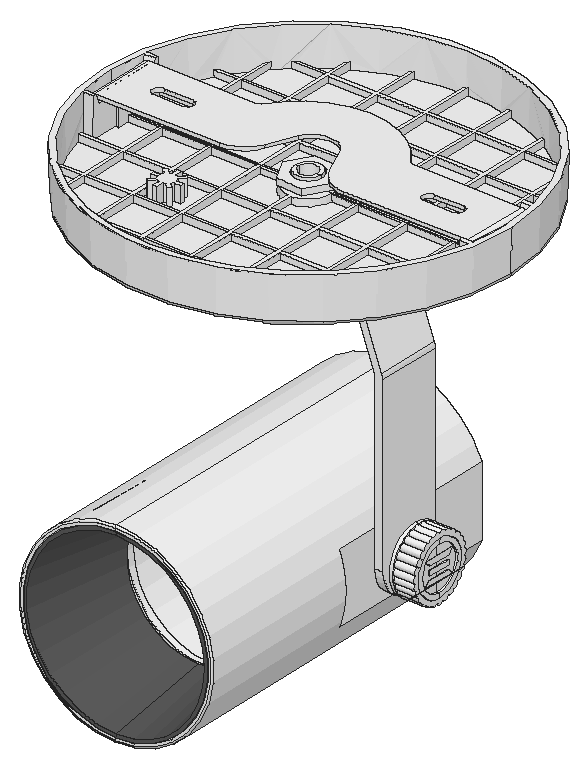
Revit family "STL22001BR_STL22001PTO", category Luminárias, Revit 2023
Family settings
  Cota do conector redondo = Utilizar diâmetro
  Tipo de parte = Normal
  Número OmniClass = 23.80.70.00
  Título OmniClass = Lighting
  Com base no plano de trabalho = Não
  Sempre na vertical = Sim
  Corte com vazios quando carregada = Não
  Fonte luminosa = Não
  Manter orientação da anotação = Não
  Compartilhado = Não
  Ponto de cálculo do ambiente = Não
Parameters (values of type "STL22001BR - BRANCO")
  URL = "https://stella.com.br/"
  Tensão Elétrica = "127-220V"
  Referência = "STL22001BR"
  Potência máxima = 15 W
  Modelo = "Flow MR16 - Spot com canopla"
  Grau de proteção (IP) = "IP20"
  Fabricante = "Stella"
  Estrutura = Al - Branco
  Elevação padrão = 0 m
  Diâmetro do Spot = 0.060002 m
  Diâmetro da canopla = 0.125 m
  Comprimento do Spot = 0.10625 m
  Altura do Spot = 0.132 m
  Acabamento Spot = Al - Preto
Reference planes (m)
  plane 1 "Eixo de origem da luz (F/T)": y = 0.021104
  plane 2: z = 0
  plane 3 "Eixo de origem da luz (E/D)": x = 0.0084
  plane 4 "Elevação da origem da luz": z = 2.382
  plane 5: z = 2.352
  plane 6 "Superior": z = 2.484
  plane 7: y = 0.053125
  plane 8: y = -0.053125
  plane 9: x = 0.038399
  plane 10: x = -0.021603
  plane 11: z = 2.412
  plane 12: x = 0.0709
  plane 13: x = -0.0541
  plane 14: y = 0.083604
  plane 15: y = -0.041396
Forms (m)
  Revolve 1, solid, material "Al - Branco" <- "Estrutura"
    sketch origin (0.0084, 0.223634, -0.132003) x (0, -1, -0.000003) y (0, -0.000003, 1)
      loop
        line (0.170501, 2.542582) -> (0.240851, 2.541599) -> (0.240851, 2.537384) -> (0.242951, 2.537384) -> (0.242951, 2.540052) -> (0.244751, 2.540052) -> (0.244751, 2.542123) -> (0.276751, 2.542682) -> (0.276751, 2.543504)
        arc (0.276751, 2.543504) -> (0.276604, 2.543857) -> (0.276251, 2.544004) r 0.0005
        line (0.276251, 2.544004) -> (0.170501, 2.544004) -> (0.170501, 2.542582)
      axis (0.170501, 2.514004) -> (0.276751, 2.514004)
    angle from 0 to 360
  Extrusion 2, void
    sketch origin (0.0084, 0.215234, -0.132003) x (1, 0, 0) y (0, -0.000003, 1)
      loop
        line (0.024673, 2.503817) -> (0.030078, 2.502712) -> (0.030078, 2.525295) -> (0.024673, 2.52419) -> (0.024673, 2.503817)
    from 0.162101 to 0.217101
  Extrusion 3, void
    sketch origin (0.0094, 0.215234, -0.132003) x (1, 0, 0) y (0, -0.000003, 1)
      loop
        line (0.023311, 2.503891) -> (0.025551, 2.503433) -> (0.025551, 2.524574) -> (0.023311, 2.524116) -> (0.023311, 2.503891)
    from 0.162101 to 0.232451
  Blend 4, solid, material "Al - Branco" <- "Estrutura"
    base sketch origin (0.0084, 0.215234, -0.132003) x (1, 0, 0) y (0, -0.000003, 1)
      loop
        line (0.027965, 2.524863) -> (0.025573, 2.524374) -> (0.025573, 2.503633) -> (0.027965, 2.503144) -> (0.027965, 2.524863)
    top sketch origin (0.0084, 0.215234, -0.132003) x (1, 0, 0) y (0, -0.000003, 1)
      loop
        line (0.027965, 2.524863) -> (0.026551, 2.524574) -> (0.026551, 2.503433) -> (0.027965, 2.503144) -> (0.027965, 2.524863)
    from 0.232451 to 0.162101
  Extrusion 5, void
    sketch origin (0.0084, 0.215234, -0.132003) x (1, 0, 0) y (0, -0.000003, 1)
      loop
        line (0.026551, 2.527448) -> (0.026551, 2.5) -> (0.033803, 2.5) -> (0.033803, 2.527448) -> (0.026551, 2.527448)
    from 0.232475 to 0.217101
  Revolve 6, solid, material "Al - Branco" <- "Estrutura"
    sketch origin (0.0084, 0.189401, -0.166229) x (0, -1, 0) y (0, 0, 1)
      loop
        line (0.134676, 2.551698) -> (0.114176, 2.551698) -> (0.114176, 2.548213) -> (0.144176, 2.548213) -> (0.144176, 2.551698) -> (0.150476, 2.551698) -> (0.150476, 2.553427)
        arc (0.150476, 2.553427) -> (0.150241, 2.553992) -> (0.149676, 2.554227) r 0.0008
        line (0.149676, 2.554227) -> (0.148476, 2.554227) -> (0.148476, 2.552978) -> (0.145176, 2.552979) -> (0.145176, 2.560729)
        arc (0.145176, 2.560729) -> (0.146054, 2.56285) -> (0.148176, 2.563729) r 0.003
        line (0.148176, 2.563729) -> (0.172176, 2.563729) -> (0.172176, 2.564729) -> (0.147176, 2.564729)
        arc (0.147176, 2.564729) -> (0.145054, 2.56385) -> (0.144176, 2.561729) r 0.003
        line (0.144176, 2.561729) -> (0.144176, 2.555229) -> (0.142176, 2.555229) -> (0.142176, 2.554263)
        arc (0.142176, 2.554263) -> (0.136425, 2.553956) -> (0.130676, 2.553623) r 1.262454
        line (0.130676, 2.553623) -> (0.130676, 2.552479) -> (0.134676, 2.552659) -> (0.134676, 2.551698)
      axis (0.114176, 2.548213) -> (0.172176, 2.548213)
    angle from 0 to 360
  Revolve 7, solid, material "Al - Branco" <- "Estrutura"
    sketch origin (0.0084, 0.189401, -0.166229) x (0, -1, 0) y (0, 0, 1)
      loop
        line (0.155176, 2.548229) -> (0.155176, 2.534429) -> (0.170481, 2.534429)
        arc (0.170481, 2.534429) -> (0.170752, 2.534936) -> (0.170846, 2.535504) r 0.00177
        line (0.170846, 2.535504) -> (0.170846, 2.548229) -> (0.155176, 2.548229)
      axis (0.155176, 2.548229) -> (0.170846, 2.548229)
    angle from 0 to 360
  Extrusion 8, void
    sketch origin (0.0084, 0.181001, -0.166229) x (1, 0, 0) y (0, 0, 1)
      loop
        arc (0.00378, 2.554797) -> (-0.001706, 2.555114) -> (0.001774, 2.550862) r 0.003
        arc (0.001774, 2.550862) -> (0.002193, 2.550913) -> (0.002555, 2.550696) r 0.00065
        arc (0.002555, 2.550696) -> (0.003273, 2.549522) -> (0.003609, 2.548188) r 0.004568
        arc (0.003609, 2.548188) -> (0.005649, 2.546228) -> (0.007608, 2.548269) r 0.002
        arc (0.007608, 2.548269) -> (0.006544, 2.552032) -> (0.00378, 2.554797) r 0.007754
      loop
        arc (-0.00378, 2.54166) -> (0.001706, 2.541343) -> (-0.001774, 2.545595) r 0.003
        arc (-0.001774, 2.545595) -> (-0.002193, 2.545544) -> (-0.002555, 2.545761) r 0.00065
        arc (-0.002555, 2.545761) -> (-0.003273, 2.546935) -> (-0.003609, 2.548269) r 0.004568
        arc (-0.003609, 2.548269) -> (-0.005649, 2.550229) -> (-0.007608, 2.548188) r 0.002
        arc (-0.007608, 2.548188) -> (-0.006544, 2.544425) -> (-0.00378, 2.54166) r 0.007754
    from 0.148376 to 0.158434
  Extrusion 9, void
    sketch origin (0.0084, 0.181001, -0.166229) x (1, 0, 0) y (0, 0, 1)
      loop
        circle (-0.006221, 2.554309) r 0.003304
      loop
        circle (0.006209, 2.541978) r 0.003318
    from 0.148376 to 0.163776
  Revolve 10, void
    sketch origin (0.0084, 0.189401, -0.166229) x (0, -1, 0) y (0, 0, 1)
      loop
        line (0.167217, 2.536487) -> (0.170846, 2.536487) -> (0.170846, 2.548229) -> (0.164269, 2.548229) -> (0.164269, 2.539435) -> (0.167217, 2.536487)
      axis (0.170846, 2.548229) -> (0.164269, 2.548229)
    angle from 0 to 360
  Revolve 11, solid, material "Al - Branco" <- "Estrutura", not visible
    sketch origin (-0.034233, 0.1, 0.034226) x (1, 0, -0.000003) y (0.000003, 0, 1)
      loop
        line (0.170501, 2.542582) -> (0.240851, 2.541599) -> (0.240851, 2.537384) -> (0.242951, 2.537384) -> (0.242951, 2.540052) -> (0.244751, 2.540052) -> (0.244751, 2.542123) -> (0.276751, 2.542682) -> (0.276751, 2.543504)
        arc (0.276751, 2.543504) -> (0.276604, 2.543857) -> (0.276251, 2.544004) r 0.0005
        line (0.276251, 2.544004) -> (0.170501, 2.544004) -> (0.170501, 2.542582)
      axis (0.170501, 2.514004) -> (0.276751, 2.514004)
    angle from 0 to 360
  Extrusion 12, void, not visible
    sketch origin (-0.025833, 0.1, 0.034226) x (0, 1, 0) y (0.000003, 0, 1)
      loop
        line (0.024673, 2.503817) -> (0.030078, 2.502712) -> (0.030078, 2.525295) -> (0.024673, 2.52419) -> (0.024673, 2.503817)
    from 0.162101 to 0.217101
  Extrusion 13, void, not visible
    sketch origin (-0.025833, 0.101, 0.034226) x (0, 1, 0) y (0.000003, 0, 1)
      loop
        line (0.023311, 2.503891) -> (0.025551, 2.503433) -> (0.025551, 2.524574) -> (0.023311, 2.524116) -> (0.023311, 2.503891)
    from 0.162101 to 0.232451
  Blend 14, solid, material "Al - Branco" <- "Estrutura", not visible
    base sketch origin (-0.025833, 0.1, 0.034226) x (0, 1, 0) y (0.000003, 0, 1)
      loop
        line (0.027965, 2.524863) -> (0.025573, 2.524374) -> (0.025573, 2.503633) -> (0.027965, 2.503144) -> (0.027965, 2.524863)
    top sketch origin (-0.025833, 0.1, 0.034226) x (0, 1, 0) y (0.000003, 0, 1)
      loop
        line (0.027965, 2.524863) -> (0.026551, 2.524574) -> (0.026551, 2.503433) -> (0.027965, 2.503144) -> (0.027965, 2.524863)
    from 0.232451 to 0.162101
  Extrusion 15, void, not visible
    sketch origin (-0.025833, 0.1, 0.034226) x (0, 1, 0) y (0.000003, 0, 1)
      loop
        line (0.026551, 2.527448) -> (0.026551, 2.5) -> (0.033803, 2.5) -> (0.033803, 2.527448) -> (0.026551, 2.527448)
    from 0.232475 to 0.217101
  Revolve 16, solid, material "Al - Branco" <- "Estrutura", not visible
    sketch origin (0, 0.1, 0) x (1, 0, 0) y (0, 0, 1)
      loop
        line (0.134676, 2.551698) -> (0.114176, 2.551698) -> (0.114176, 2.548213) -> (0.144176, 2.548213) -> (0.144176, 2.551698) -> (0.150476, 2.551698) -> (0.150476, 2.553427)
        arc (0.150476, 2.553427) -> (0.150241, 2.553992) -> (0.149676, 2.554227) r 0.0008
        line (0.149676, 2.554227) -> (0.148476, 2.554227) -> (0.148476, 2.552978) -> (0.145176, 2.552979) -> (0.145176, 2.560729)
        arc (0.145176, 2.560729) -> (0.146054, 2.56285) -> (0.148176, 2.563729) r 0.003
        line (0.148176, 2.563729) -> (0.172176, 2.563729) -> (0.172176, 2.564729) -> (0.147176, 2.564729)
        arc (0.147176, 2.564729) -> (0.145054, 2.56385) -> (0.144176, 2.561729) r 0.003
        line (0.144176, 2.561729) -> (0.144176, 2.555229) -> (0.142176, 2.555229) -> (0.142176, 2.554263)
        arc (0.142176, 2.554263) -> (0.136425, 2.553956) -> (0.130676, 2.553623) r 1.262454
        line (0.130676, 2.553623) -> (0.130676, 2.552479) -> (0.134676, 2.552659) -> (0.134676, 2.551698)
      axis (0.114176, 2.548213) -> (0.172176, 2.548213)
    angle from 0 to 360
  Revolve 17, solid, material "Al - Branco" <- "Estrutura", not visible
    sketch origin (0, 0.1, 0) x (1, 0, 0) y (0, 0, 1)
      loop
        line (0.155176, 2.548229) -> (0.155176, 2.534429) -> (0.170481, 2.534429)
        arc (0.170481, 2.534429) -> (0.170752, 2.534936) -> (0.170846, 2.535504) r 0.00177
        line (0.170846, 2.535504) -> (0.170846, 2.548229) -> (0.155176, 2.548229)
      axis (0.155176, 2.548229) -> (0.170846, 2.548229)
    angle from 0 to 360
  Extrusion 18, void, not visible
    sketch origin (0.0084, 0.1, 0) x (0, 1, 0) y (0, 0, 1)
      loop
        arc (0.00378, 2.554797) -> (-0.001706, 2.555114) -> (0.001774, 2.550862) r 0.003
        arc (0.001774, 2.550862) -> (0.002193, 2.550913) -> (0.002555, 2.550696) r 0.00065
        arc (0.002555, 2.550696) -> (0.003273, 2.549522) -> (0.003609, 2.548188) r 0.004568
        arc (0.003609, 2.548188) -> (0.005649, 2.546228) -> (0.007608, 2.548269) r 0.002
        arc (0.007608, 2.548269) -> (0.006544, 2.552032) -> (0.00378, 2.554797) r 0.007754
      loop
        arc (-0.00378, 2.54166) -> (0.001706, 2.541343) -> (-0.001774, 2.545595) r 0.003
        arc (-0.001774, 2.545595) -> (-0.002193, 2.545544) -> (-0.002555, 2.545761) r 0.00065
        arc (-0.002555, 2.545761) -> (-0.003273, 2.546935) -> (-0.003609, 2.548269) r 0.004568
        arc (-0.003609, 2.548269) -> (-0.005649, 2.550229) -> (-0.007608, 2.548188) r 0.002
        arc (-0.007608, 2.548188) -> (-0.006544, 2.544425) -> (-0.00378, 2.54166) r 0.007754
    from 0.148376 to 0.158434
  Extrusion 19, void, not visible
    sketch origin (0.0084, 0.1, 0) x (0, 1, 0) y (0, 0, 1)
      loop
        circle (-0.006221, 2.554309) r 0.003304
      loop
        circle (0.006209, 2.541978) r 0.003318
    from 0.148376 to 0.163776
  Revolve 20, void, not visible
    sketch origin (0, 0.1, 0) x (1, 0, 0) y (0, 0, 1)
      loop
        line (0.167217, 2.536487) -> (0.170846, 2.536487) -> (0.170846, 2.548229) -> (0.164269, 2.548229) -> (0.164269, 2.539435) -> (0.167217, 2.536487)
      axis (0.170846, 2.548229) -> (0.164269, 2.548229)
    angle from 0 to 360
  Revolve 21, solid, material "Al - Branco" <- "Estrutura"
    sketch origin (0.0084, 0.02121, -0.1364) x (1, 0, 0) y (0, 0, 1)
      loop
        line (-0.0035, 2.59983) -> (-0.0035, 2.60183) -> (-0.008, 2.60183) -> (-0.008, 2.59983) -> (-0.0035, 2.59983)
      loop
        line (-0.0035, 2.60433) -> (-0.0035, 2.60633) -> (-0.009922, 2.60633) -> (-0.009922, 2.60433) -> (-0.0035, 2.60433)
      axis (0, 2.60633) -> (0, 2.59983)
    angle from 0 to 360
  Extrusion 22, solid, material "Al - Branco" <- "Estrutura"
    sketch origin (0.0084, -0.002792, -0.1379) x (1, 0, 0) y (0, 0, 1)
      loop
        line (-0.010913, 2.60583) -> (-0.010913, 2.60333) -> (0.015913, 2.60333)
        arc (0.015913, 2.60333) -> (0.017346, 2.602878) -> (0.018261, 2.601686) r 0.002499
        line (0.018261, 2.601686) -> (0.028429, 2.573745)
        arc (0.028429, 2.573745) -> (0.028541, 2.573324) -> (0.028579, 2.57289) r 0.002501
        line (0.028579, 2.57289) -> (0.028579, 2.509431) -> (0.031079, 2.509431) -> (0.031079, 2.57289)
        arc (0.031079, 2.57289) -> (0.031003, 2.573758) -> (0.030777, 2.5746) r 0.005001
        line (0.030777, 2.5746) -> (0.02061, 2.602541)
        arc (0.02061, 2.602541) -> (0.01878, 2.604926) -> (0.015912, 2.60583) r 0.004999
        line (0.015912, 2.60583) -> (-0.010913, 2.60583)
    from -0.033998 to -0.014002
  Extrusion 23, void
    sketch origin (0.0084, 0.005608, 2.4361) x (-1, 0, 0) y (0, -1, 0)
      loop
        line (0, -0.025598) -> (0, -0.026598) -> (0.012072, -0.026598) -> (0.012072, -0.004602) -> (0, -0.004602) -> (0, -0.005602)
        arc (0, -0.005602) -> (0.009998, -0.0156) -> (0, -0.025598) r 0.009998
    from 0.02933 to 0.03183
  Extrusion 24, void
    sketch origin (0.02121, 0.005608, -0.1379) x (0, -1, 0) y (0, 0, 1)
      loop
        line (-0.025598, 2.519898) -> (-0.028598, 2.519898) -> (-0.028598, 2.505885) -> (-0.002602, 2.505885) -> (-0.002602, 2.519898) -> (-0.005602, 2.519898)
        arc (-0.005602, 2.519898) -> (-0.0156, 2.5099) -> (-0.025598, 2.519898) r 0.009998
    from -0.018269 to -0.015769
  Revolve 25, solid, material "Al - Branco" <- "Estrutura", not visible
    sketch origin (-0.065602, 0, 0.0015) x (0, 1, 0) y (0, 0, 1)
      loop
        line (-0.0035, 2.59983) -> (-0.0035, 2.60183) -> (-0.008, 2.60183) -> (-0.008, 2.59983) -> (-0.0035, 2.59983)
      loop
        line (-0.0035, 2.60433) -> (-0.0035, 2.60633) -> (-0.009922, 2.60633) -> (-0.009922, 2.60433) -> (-0.0035, 2.60433)
      axis (0, 2.60633) -> (0, 2.59983)
    angle from 0 to 360
  Extrusion 26, void, not visible
    sketch origin (-0.05, 0, 2.574) x (0, -1, 0) y (1, 0, 0)
      loop
        line (0, -0.025598) -> (0, -0.026598) -> (0.012072, -0.026598) -> (0.012072, -0.004602) -> (0, -0.004602) -> (0, -0.005602)
        arc (0, -0.005602) -> (0.009998, -0.0156) -> (0, -0.025598) r 0.009998
    from 0.02933 to 0.03183
  Revolve 27, solid, material "Al - Branco" <- "Estrutura"
    sketch origin (0.0069, 0.021208, -0.1379) x (1, 0, 0) y (0, 0, 1)
      loop
        line (0.034579, 2.5281) -> (0.035578, 2.5281) -> (0.035578, 2.5299) -> (0.034579, 2.5299) -> (0.034579, 2.5281)
      loop
        line (0.029578, 2.5239) -> (0.029578, 2.5199) -> (0.033078, 2.5199) -> (0.033078, 2.5239) -> (0.029578, 2.5239)
      axis (0.035578, 2.5199) -> (0.029578, 2.5199)
    angle from 0 to 360
  Extrusion 28, solid, material "Al - Branco" <- "Estrutura"
    sketch origin (0.0069, 0.029606, -0.1379) x (0, -1, 0) y (0, 0, 1)
      loop
        arc (0.004366, 2.527942) -> (0.002917, 2.528238) -> (0.002614, 2.526791) r 0.001048
        arc (0.002614, 2.526791) -> (0.001137, 2.526743) -> (0.001177, 2.525265) r 0.001048
        arc (0.001177, 2.525265) -> (-0.00025, 2.524877) -> (0.000132, 2.523448) r 0.001048
        arc (0.000132, 2.523448) -> (-0.001167, 2.522741) -> (-0.000466, 2.521439) r 0.001048
        arc (-0.000466, 2.521439) -> (-0.001565, 2.52045) -> (-0.000581, 2.519346) r 0.001048
        arc (-0.000581, 2.519346) -> (-0.001423, 2.51813) -> (-0.000211, 2.517283) r 0.001048
        arc (-0.000211, 2.517283) -> (-0.000747, 2.515905) -> (0.000628, 2.515362) r 0.001048
        arc (0.000628, 2.515362) -> (0.000425, 2.513897) -> (0.001889, 2.513687) r 0.001048
        arc (0.001889, 2.513687) -> (0.002029, 2.512215) -> (0.003502, 2.512349) r 0.001048
        arc (0.003502, 2.512349) -> (0.00398, 2.51095) -> (0.005382, 2.511421) r 0.001048
        arc (0.005382, 2.511421) -> (0.00617, 2.51017) -> (0.007425, 2.510952) r 0.001048
        arc (0.007425, 2.510952) -> (0.008481, 2.509918) -> (0.009521, 2.51097) r 0.001048
        arc (0.009521, 2.51097) -> (0.010788, 2.510207) -> (0.011556, 2.511471) r 0.001048
        arc (0.011556, 2.511471) -> (0.012965, 2.511023) -> (0.01342, 2.51243) r 0.001048
        arc (0.01342, 2.51243) -> (0.014894, 2.51232) -> (0.015012, 2.513794) r 0.001048
        arc (0.015012, 2.513794) -> (0.016472, 2.514028) -> (0.016244, 2.51549) r 0.001048
        arc (0.016244, 2.51549) -> (0.017611, 2.516055) -> (0.017052, 2.517424) r 0.001048
        arc (0.017052, 2.517424) -> (0.01825, 2.518291) -> (0.017389, 2.519493) r 0.001048
        arc (0.017389, 2.519493) -> (0.018354, 2.520613) -> (0.017239, 2.521583) r 0.001048
        arc (0.017239, 2.521583) -> (0.017919, 2.522897) -> (0.016609, 2.523583) r 0.001048
        arc (0.016609, 2.523583) -> (0.016967, 2.525017) -> (0.015534, 2.525382) r 0.001048
        arc (0.015534, 2.525382) -> (0.01555, 2.526861) -> (0.014071, 2.526883) r 0.001048
        arc (0.014071, 2.526883) -> (0.013745, 2.528326) -> (0.012301, 2.528006) r 0.001048
        arc (0.012301, 2.528006) -> (0.01165, 2.529334) -> (0.010319, 2.528688) r 0.001048
        arc (0.010319, 2.528688) -> (0.009379, 2.52983) -> (0.008233, 2.528894) r 0.001048
        arc (0.008233, 2.528894) -> (0.007155, 2.529817) -> (0.006336, 2.528658) r 0.00096
        arc (0.006336, 2.528658) -> (0.004995, 2.52928) -> (0.004366, 2.527942) r 0.001048
      loop
        circle (0.0084, 2.5199) r 0.0082
    from -0.042087 to -0.035578
  Extrusion 29, solid, material "Al - Branco" <- "Estrutura"
    sketch origin (0.0069, 0.029608, -0.1379) x (0, -1, 0) y (0, 0, 1)
      loop
        line (0.004798, 2.520605) -> (0.004798, 2.519195) -> (0.011997, 2.519195) -> (0.011997, 2.520605) -> (0.004798, 2.520605)
      loop
        line (0.004798, 2.522) -> (0.012002, 2.522) -> (0.013402, 2.5234) -> (0.003398, 2.5234) -> (0.004798, 2.522)
      loop
        line (0.004798, 2.5178) -> (0.003398, 2.5164) -> (0.013402, 2.5164) -> (0.012002, 2.5178) -> (0.004798, 2.5178)
    from -0.041835 to -0.041287
  Extrusion 30, solid, material "Al - Branco" <- "Estrutura"
    sketch origin (0.02121, 0.029608, -0.1379) x (0, -1, 0) y (0, 0, 1)
      loop
        line (0.0093, 2.524818) -> (0.0093, 2.52805)
        arc (0.0093, 2.52805) -> (0.0084, 2.5281) -> (0.0075, 2.52805) r 0.0082
        line (0.0075, 2.52805) -> (0.0075, 2.524818)
        arc (0.0075, 2.524818) -> (0.0084, 2.5249) -> (0.0093, 2.524818) r 0.005
      loop
        line (0.0093, 2.51175) -> (0.0093, 2.514982)
        arc (0.0093, 2.514982) -> (0.0084, 2.5149) -> (0.0075, 2.514982) r 0.005
        line (0.0075, 2.514982) -> (0.0075, 2.51175)
        arc (0.0075, 2.51175) -> (0.0084, 2.5117) -> (0.0093, 2.51175) r 0.0082
      loop
        line (0.013313, 2.518972) -> (0.016547, 2.518972)
        arc (0.016547, 2.518972) -> (0.0166, 2.519872) -> (0.016553, 2.520772) r 0.0082
        line (0.016553, 2.520772) -> (0.013323, 2.520772)
        arc (0.013323, 2.520772) -> (0.0134, 2.519872) -> (0.013313, 2.518972) r 0.005
      loop
        line (0.000255, 2.518951) -> (0.003487, 2.518972)
        arc (0.003487, 2.518972) -> (0.0034, 2.519872) -> (0.003477, 2.520772) r 0.005
        line (0.003477, 2.520772) -> (0.000247, 2.520772)
        arc (0.000247, 2.520772) -> (0.0002, 2.519861) -> (0.000255, 2.518951) r 0.0082
    from -0.023769 to -0.021268
  Extrusion 31, void
    sketch origin (0.0084, -0.000125, -0.1379) x (1, 0, 0) y (0, 0, 1)
      loop
        line (0.028579, 2.514899) -> (0.031079, 2.514899) -> (0.031079, 2.524859) -> (0.028579, 2.524859) -> (0.028579, 2.514899)
    from -0.026576 to -0.01637
  Revolve 32, solid, material "Al - Branco" <- "Estrutura"
    sketch origin (0.0069, 0.021208, -0.1379) x (1, 0, 0) y (0, 0, 1)
      loop
        line (0.038079, 2.5281) -> (0.038079, 2.5249)
        spline (0.038079, 2.5249) -> (0.037704, 2.5249) -> (0.037329, 2.5249) -> (0.036954, 2.5249) -> (0.036578, 2.5249) -> (0.036203, 2.5249) -> (0.035828, 2.5249) -> (0.035453, 2.5249) -> (0.035078, 2.5249) -> (0.034703, 2.5249) -> (0.034328, 2.5249) -> (0.033952, 2.5249) -> (0.033577, 2.5249)
        arc (0.033577, 2.5249) -> (0.033225, 2.524753) -> (0.033079, 2.5244) r 0.0005
        line (0.033079, 2.5244) -> (0.033079, 2.5199) -> (0.041287, 2.5199) -> (0.041287, 2.526698) -> (0.042087, 2.526698) -> (0.042087, 2.5281) -> (0.038079, 2.5281)
      axis (0.033079, 2.5199) -> (0.042087, 2.5199)
    angle from 0 to 360
  Revolve 33, solid, material "Al - Branco" <- "Estrutura"
    sketch origin (-0.267181, 0.02121, -0.037103) x (1, 0, 0) y (0, 0, 1)
      loop
        line (0.336381, 2.509043) -> (0.283094, 2.509043) -> (0.282996, 2.511053) -> (0.275581, 2.511053) -> (0.275581, 2.505023) -> (0.285423, 2.505023) -> (0.285528, 2.507033) -> (0.33697, 2.507033)
        arc (0.33697, 2.507033) -> (0.337674, 2.507314) -> (0.337982, 2.508007) r 0.001005
        line (0.337982, 2.508007) -> (0.338394, 2.521103) -> (0.336594, 2.521103) -> (0.336381, 2.509043)
      axis (0.275581, 2.505023) -> (0.275581, 2.521103)
    angle from 0 to 360
  Extrusion 34, void
    sketch origin (-0.267181, 0.000106, 2.344897) x (0, -1, 0) y (1, 0, 0)
      loop
        arc (-0.018056, 0.271461) -> (-0.015978, 0.275581) -> (-0.018056, 0.279702) r 0.005125
        line (-0.018056, 0.279702) -> (-0.024152, 0.279702)
        arc (-0.024152, 0.279702) -> (-0.026229, 0.275581) -> (-0.024152, 0.271461) r 0.005125
        line (-0.024152, 0.271461) -> (-0.018056, 0.271461)
    from 0.123023 to 0.129053
  Revolve 35, solid, material "Al - Branco" <- "Estrutura"
    sketch origin (-0.117181, 0.02121, -0.037103) x (1, 0, 0) y (0, 0, 1)
      loop
        line (0.186381, 2.509043) -> (0.186417, 2.511053) -> (0.125581, 2.511053) -> (0.125581, 2.509043) -> (0.186381, 2.509043)
      axis (0.125581, 2.509043) -> (0.125581, 2.511053)
    angle from 0 to 360
  Extrusion 36, void
    sketch origin (-0.267181, 0.000106, 2.344897) x (0, -1, 0) y (1, 0, 0)
      loop
        line (-0.006526, 0.244934) -> (-0.020607, 0.244934) -> (-0.020607, 0.230853) -> (-0.006526, 0.230853) -> (-0.006526, 0.244934)
      loop
        line (0.008549, 0.244934) -> (-0.005532, 0.244934) -> (-0.005532, 0.230853) -> (0.008549, 0.230853) -> (0.008549, 0.244934)
      loop
        line (-0.021601, 0.244934) -> (-0.035682, 0.244934) -> (-0.035682, 0.230853) -> (-0.021601, 0.230853) -> (-0.021601, 0.244934)
      loop
        line (-0.036676, 0.244934) -> (-0.050757, 0.244934) -> (-0.050757, 0.230853) -> (-0.036676, 0.230853) -> (-0.036676, 0.244934)
      loop
        line (-0.051751, 0.244934) -> (-0.065832, 0.244934) -> (-0.065832, 0.230853) -> (-0.051751, 0.230853) -> (-0.051751, 0.244934)
      loop
        line (0.023624, 0.244934) -> (0.009543, 0.244934) -> (0.009543, 0.230853) -> (0.023624, 0.230853) -> (0.023624, 0.244934)
      loop
        line (0.038699, 0.244934) -> (0.024618, 0.244934) -> (0.024618, 0.230853) -> (0.038699, 0.230853) -> (0.038699, 0.244934)
      loop
        line (-0.066826, 0.244934) -> (-0.080907, 0.244934) -> (-0.080907, 0.230853) -> (-0.066826, 0.230853) -> (-0.066826, 0.244934)
      loop
        line (-0.006526, 0.229859) -> (-0.020607, 0.229859) -> (-0.020607, 0.212778) -> (-0.006526, 0.212778) -> (-0.006526, 0.229859)
      loop
        line (0.008549, 0.229859) -> (-0.005532, 0.229859) -> (-0.005532, 0.215778) -> (0.008549, 0.215778) -> (0.008549, 0.229859)
      loop
        line (-0.021601, 0.229859) -> (-0.035682, 0.229859) -> (-0.035682, 0.212778) -> (-0.021601, 0.212778) -> (-0.021601, 0.229859)
      loop
        line (-0.036676, 0.229859) -> (-0.050757, 0.229859) -> (-0.050757, 0.215778) -> (-0.036676, 0.215778) -> (-0.036676, 0.229859)
      loop
        line (-0.051751, 0.229859) -> (-0.065832, 0.229859) -> (-0.065832, 0.215778) -> (-0.051751, 0.215778) -> (-0.051751, 0.229859)
      loop
        line (0.023624, 0.229859) -> (0.009543, 0.229859) -> (0.009543, 0.215778) -> (0.023624, 0.215778) -> (0.023624, 0.229859)
      loop
        line (-0.006526, 0.260009) -> (-0.020607, 0.260009) -> (-0.020607, 0.245928) -> (-0.006526, 0.245928) -> (-0.006526, 0.260009)
      loop
        line (0.008549, 0.260009) -> (-0.005532, 0.260009) -> (-0.005532, 0.245928) -> (0.008549, 0.245928) -> (0.008549, 0.260009)
      loop
        line (-0.021601, 0.260009) -> (-0.035682, 0.260009) -> (-0.035682, 0.245928) -> (-0.021601, 0.245928) -> (-0.021601, 0.260009)
      loop
        line (-0.036676, 0.260009) -> (-0.050757, 0.260009) -> (-0.050757, 0.245928) -> (-0.036676, 0.245928) -> (-0.036676, 0.260009)
      loop
        line (-0.051751, 0.260009) -> (-0.065832, 0.260009) -> (-0.065832, 0.245928) -> (-0.051751, 0.245928) -> (-0.051751, 0.260009)
      loop
        line (0.023624, 0.260009) -> (0.009543, 0.260009) -> (0.009543, 0.245928) -> (0.023624, 0.245928) -> (0.023624, 0.260009)
      loop
        line (0.038699, 0.260009) -> (0.024618, 0.260009) -> (0.024618, 0.245928) -> (0.038699, 0.245928) -> (0.038699, 0.260009)
      loop
        line (-0.066826, 0.260009) -> (-0.080907, 0.260009) -> (-0.080907, 0.245928) -> (-0.066826, 0.245928) -> (-0.066826, 0.260009)
      loop
        line (-0.006526, 0.275084) -> (-0.020607, 0.275084) -> (-0.020607, 0.261003) -> (-0.006526, 0.261003) -> (-0.006526, 0.275084)
      loop
        line (0.008549, 0.275084) -> (-0.005532, 0.275084) -> (-0.005532, 0.261003) -> (0.008549, 0.261003) -> (0.008549, 0.275084)
      loop
        line (-0.021601, 0.275084) -> (-0.035682, 0.275084) -> (-0.035682, 0.261003) -> (-0.021601, 0.261003) -> (-0.021601, 0.275084)
      loop
        line (-0.036676, 0.275084) -> (-0.050757, 0.275084) -> (-0.050757, 0.261003) -> (-0.036676, 0.261003) -> (-0.036676, 0.275084)
      loop
        line (-0.051751, 0.275084) -> (-0.065832, 0.275084) -> (-0.065832, 0.261003) -> (-0.051751, 0.261003) -> (-0.051751, 0.275084)
      loop
        line (0.023624, 0.275084) -> (0.009543, 0.275084) -> (0.009543, 0.261003) -> (0.023624, 0.261003) -> (0.023624, 0.275084)
      loop
        line (0.041699, 0.275084) -> (0.024618, 0.275084) -> (0.024618, 0.261003) -> (0.041699, 0.261003) -> (0.041699, 0.275084)
      loop
        line (-0.066826, 0.275084) -> (-0.083907, 0.275084) -> (-0.083907, 0.261003) -> (-0.066826, 0.261003) -> (-0.066826, 0.275084)
      loop
        line (-0.006526, 0.290159) -> (-0.020607, 0.290159) -> (-0.020607, 0.276078) -> (-0.006526, 0.276078) -> (-0.006526, 0.290159)
      loop
        line (0.008549, 0.290159) -> (-0.005532, 0.290159) -> (-0.005532, 0.276078) -> (0.008549, 0.276078) -> (0.008549, 0.290159)
      loop
        line (-0.021601, 0.290159) -> (-0.035682, 0.290159) -> (-0.035682, 0.276078) -> (-0.021601, 0.276078) -> (-0.021601, 0.290159)
      loop
        line (-0.036676, 0.290159) -> (-0.050757, 0.290159) -> (-0.050757, 0.276078) -> (-0.036676, 0.276078) -> (-0.036676, 0.290159)
      loop
        line (-0.051751, 0.290159) -> (-0.065832, 0.290159) -> (-0.065832, 0.276078) -> (-0.051751, 0.276078) -> (-0.051751, 0.290159)
      loop
        line (0.023624, 0.290159) -> (0.009543, 0.290159) -> (0.009543, 0.276078) -> (0.023624, 0.276078) -> (0.023624, 0.290159)
      loop
        line (0.041699, 0.290159) -> (0.024618, 0.290159) -> (0.024618, 0.276078) -> (0.041699, 0.276078) -> (0.041699, 0.290159)
      loop
        line (-0.066826, 0.290159) -> (-0.083907, 0.290159) -> (-0.083907, 0.276078) -> (-0.066826, 0.276078) -> (-0.066826, 0.290159)
      loop
        line (-0.006526, 0.305234) -> (-0.020607, 0.305234) -> (-0.020607, 0.291153) -> (-0.006526, 0.291153) -> (-0.006526, 0.305234)
      loop
        line (0.008549, 0.305234) -> (-0.005532, 0.305234) -> (-0.005532, 0.291153) -> (0.008549, 0.291153) -> (0.008549, 0.305234)
      loop
        line (-0.021601, 0.305234) -> (-0.035682, 0.305234) -> (-0.035682, 0.291153) -> (-0.021601, 0.291153) -> (-0.021601, 0.305234)
      loop
        line (-0.036676, 0.305234) -> (-0.050757, 0.305234) -> (-0.050757, 0.291153) -> (-0.036676, 0.291153) -> (-0.036676, 0.305234)
      loop
        line (-0.051751, 0.305234) -> (-0.065832, 0.305234) -> (-0.065832, 0.291153) -> (-0.051751, 0.291153) -> (-0.051751, 0.305234)
      loop
        line (0.023624, 0.305234) -> (0.009543, 0.305234) -> (0.009543, 0.291153) -> (0.023624, 0.291153) -> (0.023624, 0.305234)
      loop
        line (0.038699, 0.305234) -> (0.024618, 0.305234) -> (0.024618, 0.291153) -> (0.038699, 0.291153) -> (0.038699, 0.305234)
      loop
        line (-0.066826, 0.305234) -> (-0.080907, 0.305234) -> (-0.080907, 0.291153) -> (-0.066826, 0.291153) -> (-0.066826, 0.305234)
      loop
        line (-0.006526, 0.320309) -> (-0.020607, 0.320309) -> (-0.020607, 0.306228) -> (-0.006526, 0.306228) -> (-0.006526, 0.320309)
      loop
        line (0.008549, 0.320309) -> (-0.005532, 0.320309) -> (-0.005532, 0.306228) -> (0.008549, 0.306228) -> (0.008549, 0.320309)
      loop
        line (-0.021601, 0.320309) -> (-0.035682, 0.320309) -> (-0.035682, 0.306228) -> (-0.021601, 0.306228) -> (-0.021601, 0.320309)
      loop
        line (-0.036676, 0.320309) -> (-0.050757, 0.320309) -> (-0.050757, 0.306228) -> (-0.036676, 0.306228) -> (-0.036676, 0.320309)
      loop
        line (-0.051751, 0.320309) -> (-0.065832, 0.320309) -> (-0.065832, 0.306228) -> (-0.051751, 0.306228) -> (-0.051751, 0.320309)
      loop
        line (0.023624, 0.320309) -> (0.009543, 0.320309) -> (0.009543, 0.306228) -> (0.023624, 0.306228) -> (0.023624, 0.320309)
      loop
        line (0.038699, 0.320309) -> (0.024618, 0.320309) -> (0.024618, 0.306228) -> (0.038699, 0.306228) -> (0.038699, 0.320309)
      loop
        line (-0.066826, 0.320309) -> (-0.080907, 0.320309) -> (-0.080907, 0.306228) -> (-0.066826, 0.306228) -> (-0.066826, 0.320309)
      loop
        line (-0.006526, 0.338384) -> (-0.020607, 0.338384) -> (-0.020607, 0.321303) -> (-0.006526, 0.321303) -> (-0.006526, 0.338384)
      loop
        line (0.008549, 0.335384) -> (-0.005532, 0.335384) -> (-0.005532, 0.321303) -> (0.008549, 0.321303) -> (0.008549, 0.335384)
      loop
        line (-0.021601, 0.338384) -> (-0.035682, 0.338384) -> (-0.035682, 0.321303) -> (-0.021601, 0.321303) -> (-0.021601, 0.338384)
      loop
        line (-0.036676, 0.335384) -> (-0.050757, 0.335384) -> (-0.050757, 0.321303) -> (-0.036676, 0.321303) -> (-0.036676, 0.335384)
      loop
        line (-0.051751, 0.335384) -> (-0.065832, 0.335384) -> (-0.065832, 0.321303) -> (-0.051751, 0.321303) -> (-0.051751, 0.335384)
      loop
        line (0.023624, 0.335384) -> (0.009543, 0.335384) -> (0.009543, 0.321303) -> (0.023624, 0.321303) -> (0.023624, 0.335384)
    from 0.127043 to 0.129053
  Revolve 37, void
    sketch origin (-0.267181, 0.02121, -0.037103) x (1, 0, 0) y (0, 0, 1)
      loop
        line (0.285634, 2.509043) -> (0.283094, 2.509043) -> (0.282996, 2.511053) -> (0.275581, 2.511053) -> (0.275581, 2.505023) -> (0.285423, 2.505023) -> (0.285634, 2.509043)
      axis (0.275581, 2.505023) -> (0.275581, 2.511053)
    angle from 0 to 360
  Extrusion 38, solid, material "Al - Branco" <- "Estrutura"
    sketch origin (-0.267181, 0.000106, 2.344897) x (0, -1, 0) y (1, 0, 0)
      loop
        line (-0.001586, 0.247629) -> (-0.000756, 0.246799) -> (0.000883, 0.248437)
        arc (0.000883, 0.248437) -> (0.001234, 0.248258) -> (0.001609, 0.248134) r 0.002577
        line (0.001609, 0.248134) -> (0.001609, 0.245928) -> (0.002783, 0.245928) -> (0.002783, 0.24812)
        arc (0.002783, 0.24812) -> (0.003169, 0.248238) -> (0.003532, 0.248415) r 0.002577
        line (0.003532, 0.248415) -> (0.005148, 0.246799) -> (0.005979, 0.247629) -> (0.004382, 0.249226)
        arc (0.004382, 0.249226) -> (0.004583, 0.249596) -> (0.004721, 0.249994) r 0.002577
        line (0.004721, 0.249994) -> (0.006958, 0.249994) -> (0.006958, 0.251168) -> (0.004747, 0.251168)
        arc (0.004747, 0.251168) -> (0.00462, 0.251588) -> (0.004424, 0.251979) r 0.002577
        line (0.004424, 0.251979) -> (0.005979, 0.253533) -> (0.00514, 0.254372) -> (0.003589, 0.252822)
        arc (0.003589, 0.252822) -> (0.0032, 0.253021) -> (0.002783, 0.253151) r 0.002577
        line (0.002783, 0.253151) -> (0.002783, 0.255343) -> (0.001609, 0.255343) -> (0.001609, 0.253137)
        arc (0.001609, 0.253137) -> (0.001203, 0.253) -> (0.000825, 0.252798) r 0.002577
        line (0.000825, 0.252798) -> (-0.000756, 0.254364) -> (-0.001586, 0.253533) -> (0.000005, 0.251942)
        arc (0.000005, 0.251942) -> (-0.000176, 0.251567) -> (-0.000295, 0.251168) r 0.002577
        line (-0.000295, 0.251168) -> (-0.002566, 0.251168) -> (-0.002566, 0.249994) -> (-0.000269, 0.249994)
        arc (-0.000269, 0.249994) -> (-0.00014, 0.249616) -> (0.000046, 0.249262) r 0.002577
        line (0.000046, 0.249262) -> (-0.001586, 0.247629)
    from 0.127043 to 0.132043
  Extrusion 39, solid, material "Al - Branco" <- "Estrutura"
    sketch origin (-0.268282, 0.18023, 0.036664) x (1, 0, 0) y (0, 0, 1)
      loop
        line (0.217541, 2.445054) -> (0.217541, 2.434804) -> (0.218541, 2.434804) -> (0.218541, 2.444972)
        arc (0.218541, 2.444972) -> (0.218708, 2.445375) -> (0.219111, 2.445542) r 0.00057
        line (0.219111, 2.445542) -> (0.334271, 2.445542)
        arc (0.334271, 2.445542) -> (0.334674, 2.445375) -> (0.334841, 2.444972) r 0.00057
        line (0.334841, 2.444972) -> (0.334841, 2.434804) -> (0.335841, 2.434804) -> (0.335841, 2.445054)
        arc (0.335841, 2.445054) -> (0.335401, 2.446114) -> (0.334341, 2.446554) r 0.0015
        line (0.334341, 2.446554) -> (0.219041, 2.446554)
        arc (0.219041, 2.446554) -> (0.21798, 2.446114) -> (0.217541, 2.445054) r 0.0015
    from 0.133879 to 0.169382
  Extrusion 40, void
    sketch origin (-0.268282, 0.159126, 2.418664) x (0, -1, 0) y (1, 0, 0)
      loop
        arc (0.123099, 0.256839) -> (0.114365, 0.276706) -> (0.123099, 0.296573) r 0.026962
        line (0.123099, 0.296573) -> (0.126919, 0.299483)
        arc (0.126919, 0.299483) -> (0.127439, 0.300141) -> (0.127578, 0.300967) r 0.001688
        line (0.127578, 0.300967) -> (0.127578, 0.336372) -> (0.112283, 0.336372) -> (0.112283, 0.217041) -> (0.127578, 0.217041) -> (0.127578, 0.252445)
        arc (0.127578, 0.252445) -> (0.127439, 0.253272) -> (0.126919, 0.253929) r 0.001688
        line (0.126919, 0.253929) -> (0.123099, 0.256839)
      loop
        arc (0.14215, 0.266722) -> (0.146607, 0.263037) -> (0.148278, 0.257502) r 0.01
        line (0.148278, 0.257502) -> (0.148278, 0.295911)
        arc (0.148278, 0.295911) -> (0.146607, 0.290375) -> (0.14215, 0.286691) r 0.01
        line (0.14215, 0.286691) -> (0.133999, 0.283268)
        arc (0.133999, 0.283268) -> (0.129638, 0.276706) -> (0.133999, 0.270145) r 0.007117
        line (0.133999, 0.270145) -> (0.14215, 0.266722)
      loop
        arc (0.135928, 0.230441) -> (0.137928, 0.228441) -> (0.139928, 0.230441) r 0.002
        line (0.139928, 0.230441) -> (0.139928, 0.239441)
        arc (0.139928, 0.239441) -> (0.137928, 0.241441) -> (0.135928, 0.239441) r 0.002
        line (0.135928, 0.239441) -> (0.135928, 0.230441)
      loop
        arc (0.135928, 0.313941) -> (0.137928, 0.311941) -> (0.139928, 0.313941) r 0.002
        line (0.139928, 0.313941) -> (0.139928, 0.322941)
        arc (0.139928, 0.322941) -> (0.137928, 0.324941) -> (0.135928, 0.322941) r 0.002
        line (0.135928, 0.322941) -> (0.135928, 0.313941)
    from 0.051744 to 0.065839
  Extrusion 41, void
    sketch origin (-0.259882, 0.159126, 0.036664) x (0, 1, 0) y (0, 0, 1)
      loop
        line (-0.148278, 2.434804) -> (-0.146278, 2.434804)
        arc (-0.146278, 2.434804) -> (-0.147693, 2.43539) -> (-0.148278, 2.436804) r 0.002
        line (-0.148278, 2.436804) -> (-0.148278, 2.434804)
      loop
        line (-0.127578, 2.434804) -> (-0.127578, 2.436804)
        arc (-0.127578, 2.436804) -> (-0.128164, 2.43539) -> (-0.129578, 2.434804) r 0.002
        line (-0.129578, 2.434804) -> (-0.127578, 2.434804)
      loop
        arc (-0.139678, 2.439804) -> (-0.137928, 2.438054) -> (-0.136178, 2.439804) r 0.00175
        line (-0.136178, 2.439804) -> (-0.136178, 2.440804)
        arc (-0.136178, 2.440804) -> (-0.137928, 2.442554) -> (-0.139678, 2.440804) r 0.00175
        line (-0.139678, 2.440804) -> (-0.139678, 2.439804)
    from 0.209141 to 0.327441
  Extrusion 42, solid, material "Al - Branco" <- "Estrutura"
    sketch origin (-0.258781, 0.000106, -0.037103) x (0, 1, 0) y (0, 0, 1)
      loop
        line (0.008541, 2.509043) -> (0.033666, 2.509043) -> (0.033561, 2.521103) -> (0.008647, 2.521103) -> (0.008541, 2.509043)
    from 0.204546 to 0.211906
  Extrusion 43, void
    sketch origin (-0.258781, 0.000106, -0.037103) x (0, 1, 0) y (0, 0, 1)
      loop
        line (0.009572, 2.521103) -> (0.010551, 2.518088) -> (0.031656, 2.518088) -> (0.032636, 2.521103) -> (0.009572, 2.521103)
    from 0.204007 to 0.211906
  Revolve 44, void
    sketch origin (-0.267181, 0.02121, -0.037103) x (1, 0, 0) y (0, 0, 1)
      loop
        line (0.336363, 2.508007) -> (0.342572, 2.508007) -> (0.342572, 2.521103) -> (0.336594, 2.521103) -> (0.336363, 2.508007)
      axis (0.275581, 2.508007) -> (0.275581, 2.521103)
    angle from 0 to 360
  Extrusion 45, void
    sketch origin (-0.267181, 0.000106, 2.344897) x (0, -1, 0) y (1, 0, 0)
      loop
        line (-0.031656, 0.217362) -> (-0.031656, 0.214286) -> (-0.010551, 0.214286) -> (-0.010551, 0.217362) -> (-0.031656, 0.217362)
      loop
        line (-0.017084, 0.219195) -> (-0.008072, 0.219195) -> (-0.008072, 0.220723) -> (-0.017084, 0.220723) -> (-0.017084, 0.219195)
      loop
        line (-0.025124, 0.219195) -> (-0.025124, 0.220723) -> (-0.034136, 0.220723) -> (-0.034136, 0.219195) -> (-0.025124, 0.219195)
    from 0.127043 to 0.139103
  Extrusion 46, void
    sketch origin (-0.267181, 0.02121, -0.037103) x (1, 0, 0) y (0, 0, 1)
      loop
        line (0.219195, 2.518987) -> (0.21628, 2.518987) -> (0.21628, 2.516072) -> (0.219195, 2.518987)
    from -0.010552 to 0.010552
  Revolve 47, void
    sketch origin (-0.267181, 0.02121, -0.037103) x (1, 0, 0) y (0, 0, 1)
      loop
        line (0.216888, 2.513566) -> (0.221323, 2.513566) -> (0.221323, 2.514571) -> (0.216888, 2.514571) -> (0.216888, 2.513566)
      axis (0.216888, 2.514571) -> (0.221323, 2.514571)
    angle from 0 to 360
  Extrusion 48, solid, material "Al - Branco" <- "Estrutura"
    sketch origin (0.275811, 0.000106, -0.037103) x (0, 1, 0) y (0, 0, -1)
      loop
        line (0.008541, -2.509043) -> (0.008647, -2.521103) -> (0.033561, -2.521103) -> (0.033666, -2.509043) -> (0.008541, -2.509043)
    from 0.204546 to 0.211906
  Extrusion 49, void
    sketch origin (0.275811, 0.000106, -0.037103) x (0, 1, 0) y (0, 0, -1)
      loop
        line (0.009572, -2.521103) -> (0.032636, -2.521103) -> (0.031656, -2.518088) -> (0.010551, -2.518088) -> (0.009572, -2.521103)
    from 0.204007 to 0.211906
  Extrusion 50, void
    sketch origin (0.284211, 0.000106, 2.344897) x (0, 1, 0) y (-1, 0, 0)
      loop
        line (0.031656, 0.217362) -> (0.010551, 0.217362) -> (0.010551, 0.214286) -> (0.031656, 0.214286) -> (0.031656, 0.217362)
      loop
        line (0.017084, 0.219195) -> (0.017084, 0.220723) -> (0.008072, 0.220723) -> (0.008072, 0.219195) -> (0.017084, 0.219195)
      loop
        line (0.025124, 0.219195) -> (0.034136, 0.219195) -> (0.034136, 0.220723) -> (0.025124, 0.220723) -> (0.025124, 0.219195)
    from 0.127043 to 0.139103
  Revolve 51, void
    sketch origin (0.284211, 0.02121, -0.037103) x (-1, 0, 0) y (0, 0, -1)
      loop
        line (0.216888, -2.513566) -> (0.216888, -2.514571) -> (0.221323, -2.514571) -> (0.221323, -2.513566) -> (0.216888, -2.513566)
      axis (0.216888, -2.514571) -> (0.221323, -2.514571)
    angle from 0 to 360
  Extrusion 52, solid, material "Al - Branco" <- "Estrutura"
    sketch origin (-0.267181, 0.000106, 2.344897) x (0, -1, 0) y (1, 0, 0)
      loop
        line (-0.021424, 0.267505) -> (-0.014269, 0.271266) -> (-0.01395, 0.279343) -> (-0.020784, 0.283658) -> (-0.027939, 0.279896) -> (-0.028258, 0.27182) -> (-0.021424, 0.267505)
      loop
        circle (-0.021104, 0.275581) r 0.0045
    from 0.130323 to 0.132323
  Revolve 53, solid, material "Al - Branco" <- "Estrutura"
    sketch origin (-0.267181, 0.02121, -0.037103) x (1, 0, 0) y (0, 0, 1)
      loop
        line (0.279051, 2.510293) -> (0.279051, 2.498523) -> (0.280779, 2.498523)
        arc (0.280779, 2.498523) -> (0.281345, 2.498757) -> (0.281579, 2.499323) r 0.0008
        line (0.281579, 2.499323) -> (0.281579, 2.500523) -> (0.279589, 2.500523) -> (0.279589, 2.515023) -> (0.278481, 2.515023) -> (0.278481, 2.509723) -> (0.279051, 2.510293)
      axis (0.275581, 2.498523) -> (0.275581, 2.515023)
    angle from 0 to 360
  Extrusion 54, void
    sketch origin (0.283981, 0.02121, -0.037103) x (-1, 0, 0) y (0, 0, -1)
      loop
        line (0.219195, -2.518987) -> (0.21628, -2.516072) -> (0.21628, -2.518987) -> (0.219195, -2.518987)
    from -0.010552 to 0.010552
  Revolve 55, solid, material "Al - Branco" <- "Estrutura", not visible
    sketch origin (0.0069, 0.021208, -0.1379) x (1, 0, 0) y (0, 0, 1)
      loop
        line (0.034579, 2.5281) -> (0.035578, 2.5281) -> (0.035578, 2.5299) -> (0.034579, 2.5299) -> (0.034579, 2.5281)
      loop
        line (0.029578, 2.5239) -> (0.029578, 2.5199) -> (0.033078, 2.5199) -> (0.033078, 2.5239) -> (0.029578, 2.5239)
      axis (0.035578, 2.5199) -> (0.029578, 2.5199)
    angle from 0 to 360
  Extrusion 56, solid, material "Al - Branco" <- "Estrutura", not visible
    sketch origin (0.0069, 0.029606, -0.1379) x (0, -1, 0) y (0, 0, 1)
      loop
        arc (0.004366, 2.527942) -> (0.002917, 2.528238) -> (0.002614, 2.526791) r 0.001048
        arc (0.002614, 2.526791) -> (0.001137, 2.526743) -> (0.001177, 2.525265) r 0.001048
        arc (0.001177, 2.525265) -> (-0.00025, 2.524877) -> (0.000132, 2.523448) r 0.001048
        arc (0.000132, 2.523448) -> (-0.001167, 2.522741) -> (-0.000466, 2.521439) r 0.001048
        arc (-0.000466, 2.521439) -> (-0.001565, 2.52045) -> (-0.000581, 2.519346) r 0.001048
        arc (-0.000581, 2.519346) -> (-0.001423, 2.51813) -> (-0.000211, 2.517283) r 0.001048
        arc (-0.000211, 2.517283) -> (-0.000747, 2.515905) -> (0.000628, 2.515362) r 0.001048
        arc (0.000628, 2.515362) -> (0.000425, 2.513897) -> (0.001889, 2.513687) r 0.001048
        arc (0.001889, 2.513687) -> (0.002029, 2.512215) -> (0.003502, 2.512349) r 0.001048
        arc (0.003502, 2.512349) -> (0.00398, 2.51095) -> (0.005382, 2.511421) r 0.001048
        arc (0.005382, 2.511421) -> (0.00617, 2.51017) -> (0.007425, 2.510952) r 0.001048
        arc (0.007425, 2.510952) -> (0.008481, 2.509918) -> (0.009521, 2.51097) r 0.001048
        arc (0.009521, 2.51097) -> (0.010788, 2.510207) -> (0.011556, 2.511471) r 0.001048
        arc (0.011556, 2.511471) -> (0.012965, 2.511023) -> (0.01342, 2.51243) r 0.001048
        arc (0.01342, 2.51243) -> (0.014894, 2.51232) -> (0.015012, 2.513794) r 0.001048
        arc (0.015012, 2.513794) -> (0.016472, 2.514028) -> (0.016244, 2.51549) r 0.001048
        arc (0.016244, 2.51549) -> (0.017611, 2.516055) -> (0.017052, 2.517424) r 0.001048
        arc (0.017052, 2.517424) -> (0.01825, 2.518291) -> (0.017389, 2.519493) r 0.001048
        arc (0.017389, 2.519493) -> (0.018354, 2.520613) -> (0.017239, 2.521583) r 0.001048
        arc (0.017239, 2.521583) -> (0.017919, 2.522897) -> (0.016609, 2.523583) r 0.001048
        arc (0.016609, 2.523583) -> (0.016967, 2.525017) -> (0.015534, 2.525382) r 0.001048
        arc (0.015534, 2.525382) -> (0.01555, 2.526861) -> (0.014071, 2.526883) r 0.001048
        arc (0.014071, 2.526883) -> (0.013745, 2.528326) -> (0.012301, 2.528006) r 0.001048
        arc (0.012301, 2.528006) -> (0.01165, 2.529334) -> (0.010319, 2.528688) r 0.001048
        arc (0.010319, 2.528688) -> (0.009379, 2.52983) -> (0.008233, 2.528894) r 0.001048
        arc (0.008233, 2.528894) -> (0.007155, 2.529817) -> (0.006336, 2.528658) r 0.00096
        arc (0.006336, 2.528658) -> (0.004995, 2.52928) -> (0.004366, 2.527942) r 0.001048
      loop
        circle (0.0084, 2.5199) r 0.0082
    from -0.042087 to -0.035578
  Extrusion 57, solid, material "Al - Branco" <- "Estrutura", not visible
    sketch origin (0.0069, 0.029608, -0.1379) x (0, -1, 0) y (0, 0, 1)
      loop
        line (0.004798, 2.520605) -> (0.004798, 2.519195) -> (0.011997, 2.519195) -> (0.011997, 2.520605) -> (0.004798, 2.520605)
      loop
        line (0.004798, 2.522) -> (0.012002, 2.522) -> (0.013402, 2.5234) -> (0.003398, 2.5234) -> (0.004798, 2.522)
      loop
        line (0.004798, 2.5178) -> (0.003398, 2.5164) -> (0.013402, 2.5164) -> (0.012002, 2.5178) -> (0.004798, 2.5178)
    from -0.041835 to -0.041287
  Extrusion 58, solid, material "Al - Branco" <- "Estrutura", not visible
    sketch origin (0.02121, 0.029608, -0.1379) x (0, -1, 0) y (0, 0, 1)
      loop
        line (0.0093, 2.524818) -> (0.0093, 2.52805)
        arc (0.0093, 2.52805) -> (0.0084, 2.5281) -> (0.0075, 2.52805) r 0.0082
        line (0.0075, 2.52805) -> (0.0075, 2.524818)
        arc (0.0075, 2.524818) -> (0.0084, 2.5249) -> (0.0093, 2.524818) r 0.005
      loop
        line (0.0093, 2.51175) -> (0.0093, 2.514982)
        arc (0.0093, 2.514982) -> (0.0084, 2.5149) -> (0.0075, 2.514982) r 0.005
        line (0.0075, 2.514982) -> (0.0075, 2.51175)
        arc (0.0075, 2.51175) -> (0.0084, 2.5117) -> (0.0093, 2.51175) r 0.0082
      loop
        line (0.013313, 2.518972) -> (0.016547, 2.518972)
        arc (0.016547, 2.518972) -> (0.0166, 2.519872) -> (0.016553, 2.520772) r 0.0082
        line (0.016553, 2.520772) -> (0.013323, 2.520772)
        arc (0.013323, 2.520772) -> (0.0134, 2.519872) -> (0.013313, 2.518972) r 0.005
      loop
        line (0.000255, 2.518951) -> (0.003487, 2.518972)
        arc (0.003487, 2.518972) -> (0.0034, 2.519872) -> (0.003477, 2.520772) r 0.005
        line (0.003477, 2.520772) -> (0.000247, 2.520772)
        arc (0.000247, 2.520772) -> (0.0002, 2.519861) -> (0.000255, 2.518951) r 0.0082
    from -0.023769 to -0.021268
  Extrusion 59, void, not visible
    sketch origin (0.0084, -0.000125, -0.1379) x (1, 0, 0) y (0, 0, 1)
      loop
        line (0.028579, 2.514899) -> (0.031079, 2.514899) -> (0.031079, 2.524859) -> (0.028579, 2.524859) -> (0.028579, 2.514899)
    from -0.026576 to -0.01637
  Revolve 60, solid, material "Al - Branco" <- "Estrutura", not visible
    sketch origin (0.0069, 0.021208, -0.1379) x (1, 0, 0) y (0, 0, 1)
      loop
        line (0.038079, 2.5281) -> (0.038079, 2.5249)
        spline (0.038079, 2.5249) -> (0.037704, 2.5249) -> (0.037329, 2.5249) -> (0.036954, 2.5249) -> (0.036578, 2.5249) -> (0.036203, 2.5249) -> (0.035828, 2.5249) -> (0.035453, 2.5249) -> (0.035078, 2.5249) -> (0.034703, 2.5249) -> (0.034328, 2.5249) -> (0.033952, 2.5249) -> (0.033577, 2.5249)
        arc (0.033577, 2.5249) -> (0.033225, 2.524753) -> (0.033079, 2.5244) r 0.0005
        line (0.033079, 2.5244) -> (0.033079, 2.5199) -> (0.041287, 2.5199) -> (0.041287, 2.526698) -> (0.042087, 2.526698) -> (0.042087, 2.5281) -> (0.038079, 2.5281)
      axis (0.033079, 2.5199) -> (0.042087, 2.5199)
    angle from 0 to 360
  Revolve 61, solid, material "Al - Preto" <- "Acabamento Spot"
    sketch origin (0.0084, 0, 0) x (0, 1, 0) y (0, 0, 1)
      loop
        line (-0.021575, 2.403973) -> (-0.021575, 2.405496) -> (-0.029125, 2.406819) -> (-0.029125, 2.408175) -> (-0.022816, 2.408285)
        arc (-0.022816, 2.408285) -> (-0.02246, 2.408562) -> (-0.022325, 2.408993) r 0.000757
        arc (-0.022325, 2.408993) -> (-0.022614, 2.409698) -> (-0.023364, 2.409831) r 0.000791
        arc (-0.023364, 2.409831) -> (-0.023916, 2.409507) -> (-0.024547, 2.409401) r 0.001757
        line (-0.024547, 2.409401) -> (-0.030625, 2.409507) -> (-0.030625, 2.407081) -> (-0.04981, 2.410442) -> (-0.053125, 2.4105) -> (-0.053125, 2.4095) -> (-0.021575, 2.403973)
      axis (-0.021575, 2.382) -> (-0.053125, 2.382)
    angle from 0 to 360
  Revolve 62, solid, material "Al - Preto" <- "Acabamento Spot", not visible
    sketch origin (0.189401, 0.1, 0.166229) x (-1, 0, 0) y (0, 0, 1)
      loop
        line (-0.021575, 2.403973) -> (-0.021575, 2.405496) -> (-0.029125, 2.406819) -> (-0.029125, 2.408175) -> (-0.022816, 2.408285)
        arc (-0.022816, 2.408285) -> (-0.02246, 2.408562) -> (-0.022325, 2.408993) r 0.000757
        arc (-0.022325, 2.408993) -> (-0.022614, 2.409698) -> (-0.023364, 2.409831) r 0.000791
        arc (-0.023364, 2.409831) -> (-0.023916, 2.409507) -> (-0.024547, 2.409401) r 0.001757
        line (-0.024547, 2.409401) -> (-0.030625, 2.409507) -> (-0.030625, 2.407081) -> (-0.04981, 2.410442) -> (-0.053125, 2.4105) -> (-0.053125, 2.4095) -> (-0.021575, 2.403973)
      axis (-0.021575, 2.382) -> (-0.053125, 2.382)
    angle from 0 to 360
  Revolve 63, solid, material "Al - Branco" <- "Estrutura", not visible
    sketch origin (-0.567181, 0.02121, -0.037103) x (1, 0, 0) y (0, 0, 1)
      loop
        line (0.336381, 2.509043) -> (0.283094, 2.509043) -> (0.282996, 2.511053) -> (0.275581, 2.511053) -> (0.275581, 2.505023) -> (0.285423, 2.505023) -> (0.285528, 2.507033) -> (0.33697, 2.507033)
        arc (0.33697, 2.507033) -> (0.337674, 2.507314) -> (0.337982, 2.508007) r 0.001005
        line (0.337982, 2.508007) -> (0.338394, 2.521103) -> (0.336594, 2.521103) -> (0.336381, 2.509043)
      axis (0.275581, 2.505023) -> (0.275581, 2.521103)
    angle from 0 to 360
  Extrusion 64, void, not visible
    sketch origin (-0.567181, 0.000106, 2.344897) x (0, -1, 0) y (1, 0, 0)
      loop
        arc (-0.018056, 0.271461) -> (-0.015978, 0.275581) -> (-0.018056, 0.279702) r 0.005125
        line (-0.018056, 0.279702) -> (-0.024152, 0.279702)
        arc (-0.024152, 0.279702) -> (-0.026229, 0.275581) -> (-0.024152, 0.271461) r 0.005125
        line (-0.024152, 0.271461) -> (-0.018056, 0.271461)
    from 0.123023 to 0.129053
  Revolve 65, solid, material "Al - Branco" <- "Estrutura", not visible
    sketch origin (-0.417181, 0.02121, -0.037103) x (1, 0, 0) y (0, 0, 1)
      loop
        line (0.186381, 2.509043) -> (0.186417, 2.511053) -> (0.125581, 2.511053) -> (0.125581, 2.509043) -> (0.186381, 2.509043)
      axis (0.125581, 2.509043) -> (0.125581, 2.511053)
    angle from 0 to 360
  Extrusion 66, void, not visible
    sketch origin (-0.567181, 0.000106, 2.344897) x (0, -1, 0) y (1, 0, 0)
      loop
        line (-0.006526, 0.244934) -> (-0.020607, 0.244934) -> (-0.020607, 0.230853) -> (-0.006526, 0.230853) -> (-0.006526, 0.244934)
      loop
        line (0.008549, 0.244934) -> (-0.005532, 0.244934) -> (-0.005532, 0.230853) -> (0.008549, 0.230853) -> (0.008549, 0.244934)
      loop
        line (-0.021601, 0.244934) -> (-0.035682, 0.244934) -> (-0.035682, 0.230853) -> (-0.021601, 0.230853) -> (-0.021601, 0.244934)
      loop
        line (-0.036676, 0.244934) -> (-0.050757, 0.244934) -> (-0.050757, 0.230853) -> (-0.036676, 0.230853) -> (-0.036676, 0.244934)
      loop
        line (-0.051751, 0.244934) -> (-0.065832, 0.244934) -> (-0.065832, 0.230853) -> (-0.051751, 0.230853) -> (-0.051751, 0.244934)
      loop
        line (0.023624, 0.244934) -> (0.009543, 0.244934) -> (0.009543, 0.230853) -> (0.023624, 0.230853) -> (0.023624, 0.244934)
      loop
        line (0.038699, 0.244934) -> (0.024618, 0.244934) -> (0.024618, 0.230853) -> (0.038699, 0.230853) -> (0.038699, 0.244934)
      loop
        line (-0.066826, 0.244934) -> (-0.080907, 0.244934) -> (-0.080907, 0.230853) -> (-0.066826, 0.230853) -> (-0.066826, 0.244934)
      loop
        line (-0.006526, 0.229859) -> (-0.020607, 0.229859) -> (-0.020607, 0.212778) -> (-0.006526, 0.212778) -> (-0.006526, 0.229859)
      loop
        line (0.008549, 0.229859) -> (-0.005532, 0.229859) -> (-0.005532, 0.215778) -> (0.008549, 0.215778) -> (0.008549, 0.229859)
      loop
        line (-0.021601, 0.229859) -> (-0.035682, 0.229859) -> (-0.035682, 0.212778) -> (-0.021601, 0.212778) -> (-0.021601, 0.229859)
      loop
        line (-0.036676, 0.229859) -> (-0.050757, 0.229859) -> (-0.050757, 0.215778) -> (-0.036676, 0.215778) -> (-0.036676, 0.229859)
      loop
        line (-0.051751, 0.229859) -> (-0.065832, 0.229859) -> (-0.065832, 0.215778) -> (-0.051751, 0.215778) -> (-0.051751, 0.229859)
      loop
        line (0.023624, 0.229859) -> (0.009543, 0.229859) -> (0.009543, 0.215778) -> (0.023624, 0.215778) -> (0.023624, 0.229859)
      loop
        line (-0.006526, 0.260009) -> (-0.020607, 0.260009) -> (-0.020607, 0.245928) -> (-0.006526, 0.245928) -> (-0.006526, 0.260009)
      loop
        line (0.008549, 0.260009) -> (-0.005532, 0.260009) -> (-0.005532, 0.245928) -> (0.008549, 0.245928) -> (0.008549, 0.260009)
      loop
        line (-0.021601, 0.260009) -> (-0.035682, 0.260009) -> (-0.035682, 0.245928) -> (-0.021601, 0.245928) -> (-0.021601, 0.260009)
      loop
        line (-0.036676, 0.260009) -> (-0.050757, 0.260009) -> (-0.050757, 0.245928) -> (-0.036676, 0.245928) -> (-0.036676, 0.260009)
      loop
        line (-0.051751, 0.260009) -> (-0.065832, 0.260009) -> (-0.065832, 0.245928) -> (-0.051751, 0.245928) -> (-0.051751, 0.260009)
      loop
        line (0.023624, 0.260009) -> (0.009543, 0.260009) -> (0.009543, 0.245928) -> (0.023624, 0.245928) -> (0.023624, 0.260009)
      loop
        line (0.038699, 0.260009) -> (0.024618, 0.260009) -> (0.024618, 0.245928) -> (0.038699, 0.245928) -> (0.038699, 0.260009)
      loop
        line (-0.066826, 0.260009) -> (-0.080907, 0.260009) -> (-0.080907, 0.245928) -> (-0.066826, 0.245928) -> (-0.066826, 0.260009)
      loop
        line (-0.006526, 0.275084) -> (-0.020607, 0.275084) -> (-0.020607, 0.261003) -> (-0.006526, 0.261003) -> (-0.006526, 0.275084)
      loop
        line (0.008549, 0.275084) -> (-0.005532, 0.275084) -> (-0.005532, 0.261003) -> (0.008549, 0.261003) -> (0.008549, 0.275084)
      loop
        line (-0.021601, 0.275084) -> (-0.035682, 0.275084) -> (-0.035682, 0.261003) -> (-0.021601, 0.261003) -> (-0.021601, 0.275084)
      loop
        line (-0.036676, 0.275084) -> (-0.050757, 0.275084) -> (-0.050757, 0.261003) -> (-0.036676, 0.261003) -> (-0.036676, 0.275084)
      loop
        line (-0.051751, 0.275084) -> (-0.065832, 0.275084) -> (-0.065832, 0.261003) -> (-0.051751, 0.261003) -> (-0.051751, 0.275084)
      loop
        line (0.023624, 0.275084) -> (0.009543, 0.275084) -> (0.009543, 0.261003) -> (0.023624, 0.261003) -> (0.023624, 0.275084)
      loop
        line (0.041699, 0.275084) -> (0.024618, 0.275084) -> (0.024618, 0.261003) -> (0.041699, 0.261003) -> (0.041699, 0.275084)
      loop
        line (-0.066826, 0.275084) -> (-0.083907, 0.275084) -> (-0.083907, 0.261003) -> (-0.066826, 0.261003) -> (-0.066826, 0.275084)
      loop
        line (-0.006526, 0.290159) -> (-0.020607, 0.290159) -> (-0.020607, 0.276078) -> (-0.006526, 0.276078) -> (-0.006526, 0.290159)
      loop
        line (0.008549, 0.290159) -> (-0.005532, 0.290159) -> (-0.005532, 0.276078) -> (0.008549, 0.276078) -> (0.008549, 0.290159)
      loop
        line (-0.021601, 0.290159) -> (-0.035682, 0.290159) -> (-0.035682, 0.276078) -> (-0.021601, 0.276078) -> (-0.021601, 0.290159)
      loop
        line (-0.036676, 0.290159) -> (-0.050757, 0.290159) -> (-0.050757, 0.276078) -> (-0.036676, 0.276078) -> (-0.036676, 0.290159)
      loop
        line (-0.051751, 0.290159) -> (-0.065832, 0.290159) -> (-0.065832, 0.276078) -> (-0.051751, 0.276078) -> (-0.051751, 0.290159)
